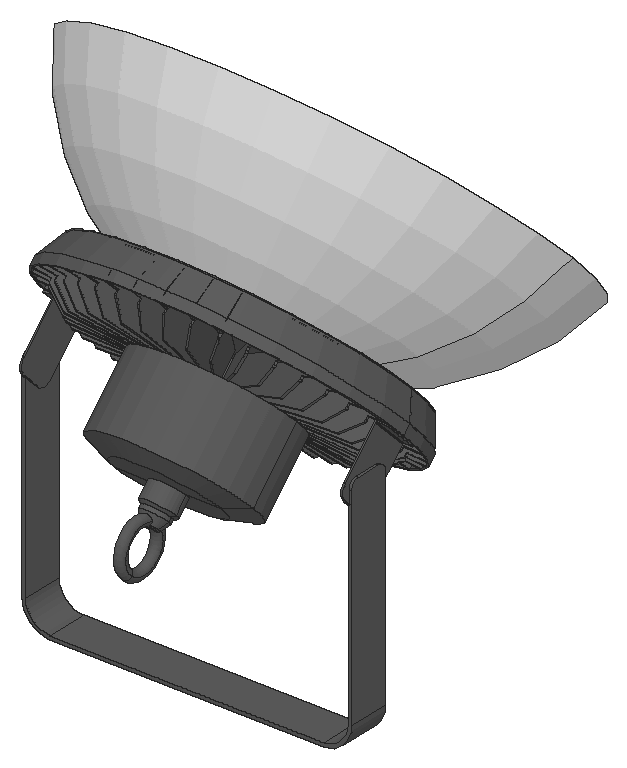
Revit family "0039348+0039354+0039356 Feilo Sylvania Lighting Fixture START HIGHBAY 4K 19KLM WIDE with BRACKET and ALU SHADE ALU COLOR", category Lighting Fixtures, host Face, Revit 2017
Family settings
  Host = Face
  Round Connector Dimension = Use Diameter
  Part Type = Normal
  OmniClass Number = 23.80.70.00
  OmniClass Title = Lighting
  Cut with Voids When Loaded = No
  Light Source = No
  Shared = No
  Room Calculation Point = No
Parameters (values of type "0039348+0039354+0039356 START HIGHBAY 4K 19KLM WIDE with BRACKET and ALU SHADE ALU COLOR")
  Weight = "3.4 kg"
  Wattage Comments = ""
  WarrantyStartDate [instance] = "n/a"
  WarrantyGuarantorParts = "n/a"
  WarrantyDurationUnit = "n/a"
  WarrantyDurationParts = "n/a"
  WarrantyDescription = "n/a"
  Voltage = 230 V
  URL = "http://www.sylvania-lighting.com"
  TypeName = "START HIGHBAY 4K 19KLM WIDE with BRACKET and ALU SHADE ALU COLOR"
  TypeHead_FEILO = Start LED Highbay Head : 0039348+0039354+0039356 START HIGHBAY 4K 19KLM WIDE with BRACKET and ALU SHADE ALU COLOR
  Type Image = <None>
  Type Comments = "n/a"
  TiltAngle_FEILO [instance] = 45.00°
  ThicknessBracketPlate_FEILO = 3 mm
  SizeBracketS_FEILO = no
  SizeBracketM_FEILO = yes
  SerialNumber [instance] = "n/a"
  RadiusBracketTop_FEILO = 7 mm
  RadiusBendOut_FEILO = if(SizeBracketS_FEILO, 18 mm, if(SizeBracketM_FEILO, 24 mm, 28 mm))  # 24 mm
  RadiusBendIn_FEILO = RadiusBendOut_FEILO - ThicknessBracketPlate_FEILO  # 21 mm
  Material_3_FEILO = none
  PowerFactor = 0.95
  PowerConsumption = "150 W"
  NominalLength = 296 mm
  NominalHeight = 177 mm
  NominalDepth = 296 mm
  Name = "START HIGHBAY 4K 19KLM WIDE with BRACKET and ALU SHADE ALU COLOR"
  ModelReference = Name  # "START HIGHBAY 4K 19KLM WIDE with BRACKET and ALU SHADE ALU COLOR"
  ModelNumber = "0039348+0039354+0039356"
  Model = Name  # "START HIGHBAY 4K 19KLM WIDE with BRACKET and ALU SHADE ALU COLOR"
  Material = "aluminium alloy housing, polycarbonate diffuser"
  ManufacturerName = "Feilo Sylvania"
  Manufacturer = "Feilo Sylvania"
  LuminousEfficacy = "130 lm/W"
  LuminaireType = ""
  LightOutputRatio = "n/a"
  LampsType = Lamp  # "LED"
  LampNominalLuminous = "19500 lm"
  LampMacAdamStep = "n/a"
  LampColourTemperature = "4000 K"
  LampColourRenderingIndex = "80"
  Lamp = "LED"
  Keynote = "16500"
  InstallationDate [instance] = "n/a"
  InputVoltage = "220-240V~"
  InputNominalFrequency = "50/60 Hz"
  IngressProtection = "IP65"
  ImpactProtectionIndex = "IK08"
  IfcExportType = "IfcLightFixtureType"
  IfcExportAs = "IfcLightFixtureType"
  ExpectedLife = 50000
  EndAngle_FEILO [instance] = TiltAngle_FEILO + 180.00°  # 225.00°
  ElectricShockClassification = "Class I"
  DurationUnit = "hours"
  DocumentationLiterature = "http://www.sylvania-lighting.com/product/en-int/products/0039348"
  DimmingControlOptions = "n/a"
  Material_2_FEILO = none
  Description = "START HIGHBAY, includes 1 m cables, black aluminium housing, 19500LM, 150W, 130lm/W, 4000K, Driver current: 3210mA, CR80, 90° beam angle, 1-10V dimmable,  IP65, IK08, 50,000 hrs (L70B50), (LxWxH) 296x296x177mm"
  Default Elevation = 1219.2 mm
  CreatedOn = "2/28/2018"
  CreatedBy = ""
  Cost = 0
  built-in parameter 1114216 [instance] = (empty or 0)
  ClassificationValue = "EF_70_80"
  ClassificationName = "Uniclass2015"
  Material_1_FEILO = Body-Sylvania-StartHighbay-Black
  BracketHeight_FEILO = if(SizeBracketS_FEILO, 199.5 mm, if(SizeBracketM_FEILO, 209.6 mm, 201.3 mm))  # 209.6 mm
  BracketDistanceInner_FEILO = if(SizeBracketS_FEILO, 249.4 mm, if(SizeBracketM_FEILO, 273.6 mm, 313.2 mm))  # 273.6 mm
  BarCode [instance] = "n/a"
  AssetType = "Fixed"
  AssetIdentifier [instance] = "n/a"
  Assembly Code = "D5020200"
  Apparent Load = 150 VA
  Material_4_FEILO = none
Reference planes
  plane 1 "Center (Front/Back)": y = 0
  plane 2: z = 0
  plane 3 "Center (Left/Right)": x = 0
  plane 4: x = -139.8
  plane 5: x = 139.8
  plane 6: z = 209.6
  plane 7: x = -136.8
  plane 8: z = 3
  plane 9: x = 136.8
  plane 10: y = 17.5
  plane 11: y = -17.5
  plane 12: y = -19.5
  plane 13: z = 211.6
  plane 14: y = 19.5
  plane 15: z = 200.6
Forms (mm)
  Extrusion 1, solid, material "Body-Sylvania-StartHighbay-Black" <- "Material_1_FEILO"
    sketch origin (0, 0, 0) x (1, 0, 0) y (0, 0, 1)
      loop
        line (-139.8, 209.6) -> (-139.8, 24)
        arc (-139.8, 24) -> (-132.771, 7.029) -> (-115.8, 0) r 24
        line (-115.8, 0) -> (115.8, 0)
        arc (115.8, 0) -> (132.771, 7.029) -> (139.8, 24) r 24
        line (139.8, 24) -> (139.8, 209.6) -> (136.8, 209.6) -> (136.8, 24)
        arc (136.8, 24) -> (130.649, 9.151) -> (115.8, 3) r 21
        line (115.8, 3) -> (-115.8, 3)
        arc (-115.8, 3) -> (-130.649, 9.151) -> (-136.8, 24) r 21
        line (-136.8, 24) -> (-136.8, 209.6) -> (-139.8, 209.6)
    from -17.5 to 17.5
  Extrusion 2, void
    sketch origin (0, 0, 0) x (0, 1, 0) y (0, 0, 1)
      loop
        arc (10.5, 209.6) -> (15.45, 207.55) -> (17.5, 202.6) r 7
        line (17.5, 202.6) -> (19.5, 202.6) -> (19.5, 211.6) -> (-19.5, 211.6) -> (-19.5, 202.6) -> (-17.5, 202.6)
        arc (-17.5, 202.6) -> (-15.45, 207.55) -> (-10.5, 209.6) r 7
        line (-10.5, 209.6) -> (10.5, 209.6)
    from -139.8 to 139.8
  Revolve 3, solid, not visible
    sketch origin (1223.4, -4572, 200.6) x (0, -1, 0) y (1, 0, 0)
      loop
        line (-4572, -1223.4) -> (-4591.5, -1223.4) -> (-4591.5, -1277.783) -> (-4572, -1277.783) -> (-4572, -1223.4)
      axis (-4572, -1223.4) -> (-4572, -1277.783)
    angle from 45 <- "TiltAngle_FEILO" to 225 <- "EndAngle_FEILO"
Cuts and joins
  Extrusion 2 cuts Extrusion 1
Dimensions and locks
  "BracketHeight_FEILO": plane 6 to plane 2
  equal spacing: plane 11, plane 1 "Center (Front/Back)", plane 10
  locked: plane 11 to plane 10 at 35
  equal spacing: plane 9, plane 3 "Center (Left/Right)", plane 7
  "BracketDistanceInner_FEILO": plane 9 to plane 7
  "ThicknessBracketPlate_FEILO": plane 7 to plane 4
  "ThicknessBracketPlate_FEILO": plane 8 to plane 2
  equal spacing: plane 5, plane 3 "Center (Left/Right)", plane 4
  equal spacing: plane 12, plane 1 "Center (Front/Back)", plane 14
  locked: plane 6 to plane 13 at 2
  locked: plane 12 to plane 11 at 2
  locked: plane 6 to plane 15 at 9
  "RadiusBendOut_FEILO": radius of Extrusion 1 sketch curve  (x2)
  "RadiusBendIn_FEILO": radius of Extrusion 1 sketch curve  (x2)
  "RadiusBracketTop_FEILO": radius of Extrusion 2 sketch curve  (x2)
  aligned and locked: plane 2 to host face
  aligned and locked: level to host face
  aligned and locked: Extrusion 1 sketch curve to plane 4
  aligned and locked: Extrusion 1 sketch curve to level
  aligned and locked: plane 6 to Extrusion 1 sketch curve
  aligned and locked: Extrusion 1 sketch curve to plane 6
  aligned and locked: Extrusion 1 sketch curve to plane 7
  aligned and locked: plane 9 to Extrusion 1 sketch curve
  aligned and locked: plane 8 to Extrusion 1 sketch curve
  aligned and locked: Extrusion 1 to plane 10
  aligned and locked: plane 11 to Extrusion 1
  aligned and locked: Extrusion 1 to Extrusion 2 sketch curve
  aligned and locked: plane 14 to Extrusion 2 sketch curve  (x2)
  aligned and locked: Extrusion 2 sketch curve to plane 12
  aligned and locked: plane 13 to Extrusion 2 sketch curve
  aligned and locked: plane 5 to Extrusion 2
  aligned and locked: Extrusion 2 to plane 4
  aligned and locked: Revolve 3 sketch curve to plane 1 "Center (Front/Back)"
  aligned and locked: Revolve 3 sketch curve to Revolve 3 sketch curve
  aligned and locked: plane 3 "Center (Left/Right)" to Revolve 3 sketch curve
  aligned and locked: Revolve 3 sketch curve to plane 14
  aligned and locked: nested 1 to plane 3 "Center (Left/Right)"
Automatic sketch dimensions
  host sketch curve to host sketch curve = 2438.4 mm  (x2)
  Revolve 3 sketch curve to Revolve 3 sketch curve = 54.383 mm
  Revolve 3 sketch curve to plane 4 = 1396.3 mm
  plane 5 to Revolve 3 sketch curve = 1396.3 mm
  Extrusion 1 sketch curve to Extrusion 1 sketch curve = 0 mm
  Extrusion 2 sketch curve to plane 11 = 0 mm
  Extrusion 2 sketch curve to plane 10 = 0 mm
Nested families
  nested 1: "Start LED Highbay Head" at (0, 0, 200.6) x (-1, 0, 0) z (0, 0.7071, 0.7071), type <- "TypeHead_FEILO", type "0039348+0039354+0039356 START HIGHBAY 4K 19KLM WIDE with BRACKET and ALU SHADE ALU COLOR"
    with built-in parameter 1114216 (empty or 0)
Connectors
  electrical at (0, 0, 0), driven by "Apparent Load", driven by "PowerFactor", driven by "Voltage"
    settings: index 1, voltage 230 V, apparent load 150 VA, apparent load phase1 0 VA, apparent load phase2 0 VA, apparent load phase3 0 VA, power factor 0.95, load classification "Lighting", number of poles 1, system type 30, power factor state 1, is connector primary yes, connector utility no, sub classification motor no, connector description ""
Definition of nested family "Start LED Highbay Head"
  Parameters (values of type "0039351+0039354+0039358 START HIGHBAY 6K 19KLM WIDE with BRACKET and PC LAMPSHADE TRANSPARENT ")
    X_FEILO = if(SizeS_FEILO, 60.3 mm, if(SizeM_FEILO, 70.4 mm, 83.5 mm))  # 70.4 mm
    WidthStraight_FEILO = if(SizeS_FEILO, 3 mm, if(SizeM_FEILO, 4 mm, 4.7 mm))  # 4 mm
    WidthRingChamfer_FEILO = if(SizeS_FEILO, 10.3 mm, if(SizeM_FEILO, 11.2 mm, 12.9 mm))  # 11.2 mm
    WidthCurved_FEILO = if(SizeS_FEILO, 17.4 mm, if(SizeM_FEILO, 16.4 mm, 26.2 mm))  # 16.4 mm
    WidthCurvedRing_FEILO = if(SizeS_FEILO, 3 mm, if(SizeM_FEILO, 4 mm, 4.7 mm))  # 4 mm
    WidthBracket_FEILO = 40 mm
    Wattage Comments = ""
    Wattage = 150 W
    built-in parameter 1150110 = 1 (stored number, unit not read)
    URL = "http://www.feilosylvania.com"
    Type Image = (empty or 0)
    Type Comments = "n/a"
    built-in parameter 1114217 = 1 (stored number, unit not read)
    Tilt Angle = -90.00°
    ThicknessWall_FEILO = 1.5 mm
    ThicknessBracket_FEILO = 1.5 mm
    ThicknessBracketHalf_FEILO = ThicknessBracket_FEILO / 2  # 0.75 mm
    built-in parameter 1150109 = 1 (stored number, unit not read)
    built-in parameter 1150134 = 1
    built-in parameter 1150113 = 1 (stored number, unit not read)
    SizeS_FEILO = no
    SizeM_FEILO = yes
    ShadeThickness_FEILO = 3 mm
    ShadeSizeSM_FEILO = or(SizeS_FEILO, SizeM_FEILO)  # yes
    ShadeRadiusOut_FEILO = 205 mm
    ShadeRadiusIn_FEILO = if(ShadeSizeSM_FEILO, 95 mm, 121 mm)  # 95 mm
    ShadeRadiusBend_FEILO = if(ShadeSizeSM_FEILO, 210 mm, 210 mm)  # 210 mm
    ShadeOn_FEILO = yes
    ShadeHeight_FEILO = if(ShadeSizeSM_FEILO, 120 mm, 151 mm)  # 120 mm
    Rib4_FEILO = if(SizeS_FEILO, 18.1 mm, if(SizeM_FEILO, 13.6 mm, 14.6 mm))  # 13.6 mm
    Rib3_FEILO = if(SizeS_FEILO, 15.3 mm, if(SizeM_FEILO, 17.6 mm, 20.2 mm))  # 17.6 mm
    Rib2_FEILO = if(SizeS_FEILO, 3.6 mm, if(SizeM_FEILO, 3.9 mm, 4.5 mm))  # 3.9 mm
    Rib1_FEILO = if(SizeS_FEILO, 15.1 mm, if(SizeM_FEILO, 16.5 mm, 19 mm))  # 16.5 mm
    RadiusDiffuser_FEILO = if(SizeS_FEILO, 95.2 mm, if(SizeM_FEILO, 105.3 mm, 120 mm))  # 105.3 mm
    RadiusArrayPost_FEILO = DriverRadius_FEILO - 6 mm  # 61.2 mm
    RHRadius3_FEILO = if(SizeS_FEILO, 6.6 mm, if(SizeM_FEILO, 7.4 mm, 8.6 mm))  # 7.4 mm
    RHRadius2_FEILO = if(SizeS_FEILO, 11 mm, if(SizeM_FEILO, 12 mm, 14 mm))  # 12 mm
    RHRadius1_FEILO = if(SizeS_FEILO, 13.6 mm, if(SizeM_FEILO, 14.9 mm, 17.7 mm))  # 14.9 mm
    RHHeight4_FEILO = if(SizeS_FEILO, 7.3 mm, if(SizeM_FEILO, 8 mm, 9.2 mm))  # 8 mm
    RHHeight3_FEILO = if(SizeS_FEILO, 3.6 mm, if(SizeM_FEILO, 3.7 mm, 4.6 mm))  # 3.7 mm
    RHHeight2_FEILO = if(SizeS_FEILO, 2 mm, if(SizeM_FEILO, 2.2 mm, 2.6 mm))  # 2.2 mm
    RHHeight1_FEILO = if(SizeS_FEILO, 11.8 mm, if(SizeM_FEILO, 15.3 mm, 17.4 mm))  # 15.3 mm
    Photometric Web File = "0039351+0039358.ies"
    Material_5_FEILO = none
    Material_3_FEILO = none
    Model = "START HIGHBAY 6K 19KLM WIDE with BRACKET and PC LAMPSHADE TRANSPARENT"
    Manufacturer = "Feilo Sylvania"
    built-in parameter 1150105 = 10854.2 (stored number, unit not read)
    Lumens = 19500 lm
    built-in parameter 1150115 = 1 (stored number, unit not read)
    built-in parameter 1150137 = (empty or 0)
    built-in parameter 1150139 = (empty or 0)
    built-in parameter 1150112 = 1 (stored number, unit not read)
    built-in parameter 1150114 = 1 (stored number, unit not read)
    Lamp = "LED"
    Keynote = "16500"
    built-in parameter 1150132 = (empty or 0)
    built-in parameter 1150102 = (empty or 0)
    built-in parameter 1150107 = 6500 (stored number, unit not read)
    built-in parameter 1150138 = (empty or 0)
    built-in parameter 1150106 = 108.54 (stored number, unit not read)
    HeightRing_FEILO = if(SizeS_FEILO, 19.8 mm, if(SizeM_FEILO, 32 mm, 36.8 mm))  # 32 mm
    HeightRingChamfer_FEILO = if(SizeS_FEILO, 11.7 mm, if(SizeM_FEILO, 23.2 mm, 26.6 mm))  # 23.2 mm
    EyeThickness_FEILO = if(SizeS_FEILO, 8.4 mm, if(SizeM_FEILO, 9.2 mm, 10.5 mm))  # 9.2 mm
    EyeThicknessHalf_FEILO = EyeThickness_FEILO / 2  # 4.6 mm
    EyeInner_FEILO = if(SizeS_FEILO, 13.8 mm, if(SizeM_FEILO, 15.1 mm, 17.3 mm))  # 15.1 mm
    Emit from Circle Diameter = RadiusDiffuser_FEILO * 2  # 210.6 mm
    Emit Shape Visible in Rendering = no
    built-in parameter 1150104 = 12.077 (stored number, unit not read)
    DriverVerticalStraight_FEILO = if(SizeS_FEILO, 46.5 mm, if(SizeM_FEILO, 49.7 mm, 57 mm))  # 49.7 mm
    DriverVerticalChamfer_FEILO = if(SizeS_FEILO, 7.5 mm, if(SizeM_FEILO, 8.2 mm, 9.5 mm))  # 8.2 mm
    DriverRadius_FEILO = if(SizeS_FEILO, 61.4 mm, if(SizeM_FEILO, 67.2 mm, 76.4 mm))  # 67.2 mm
    DriverRadiusTop_FEILO = if(SizeS_FEILO, 42 mm, if(SizeM_FEILO, 45.3 mm, 52.4 mm))  # 45.3 mm
    DriverBottom_FEILO = if(SizeS_FEILO, 56 mm, if(SizeM_FEILO, 64.5 mm, 74 mm))  # 64.5 mm
    Material_2_FEILO = none
    Radius_FEILO = if(SizeS_FEILO, 135 mm, if(SizeM_FEILO, 148 mm, 169.5 mm))  # 148 mm
    Dimming Lamp Color Temperature Shift = (empty or 0)
    DiameterWire_FEILO = 3 mm
    DiameterWireSupport_FEILO = 10 mm
    Description = "START HIGHBAY, includes 1 m cables, black aluminium housing, 19500LM, 150W, 130lm/W, 6500K, Driver current: 2140mA, CR80, 60° beam angle, 1-10V dimmable,  IP65, IK08, 50,000 hrs (L70B50), (LxWxH) 296x296x177mm"
    Default Elevation = 1219.2 mm
    Cost = 0
    Color Filter = 16777215
    built-in parameter 1114216 [instance] = (empty or 0)
    Material_1_FEILO = none
    built-in parameter 1114218 = 1 (stored number, unit not read)
    built-in parameter 1150133 = 10 (stored number, unit not read)
    Assembly Code = "D5020200"
    Apparent Load = 150 VA
    Material_4_FEILO = none
  Types (36, lengths in mm): name | X_FEILO | WidthStraight_FEILO | WidthRingChamfer_FEILO | WidthCurved_FEILO | WidthCurvedRing_FEILO | Wattage | built-in parameter 1150134 | SizeS_FEILO | SizeM_FEILO | ShadeSizeSM_FEILO | ShadeRadiusIn_FEILO | ShadeOn_FEILO | ShadeHeight_FEILO | Rib4_FEILO | Rib3_FEILO | Rib2_FEILO | Rib1_FEILO | RadiusDiffuser_FEILO | RadiusArrayPost_FEILO | RHRadius3_FEILO | RHRadius2_FEILO | RHRadius1_FEILO | RHHeight4_FEILO | RHHeight3_FEILO | RHHeight2_FEILO | RHHeight1_FEILO | Photometric Web File | Model | built-in parameter 1150105 | Lumens | built-in parameter 1150107 | built-in parameter 1150106 | HeightRing_FEILO | HeightRingChamfer_FEILO | EyeThickness_FEILO | EyeThicknessHalf_FEILO | EyeInner_FEILO | Emit from Circle Diameter | DriverVerticalStraight_FEILO | DriverVerticalChamfer_FEILO | DriverRadius_FEILO | DriverRadiusTop_FEILO | DriverBottom_FEILO | Radius_FEILO | Description | Apparent Load
    0039352+0039355+0039361 START HIGHBAY 6K 26KLM WIDE with BRACKET and PC LAMPSHADE TRANSPARENT | 83.5 | 4.7 | 12.9 | 26.2 | 4.7 | 200 W | 1 | no | no | no | 121 | yes | 151 | 14.6 | 20.2 | 4.5 | 19 | 120 | 70.4 | 8.6 | 14 | 17.7 | 9.2 | 4.6 | 2.6 | 17.4 | "0039352+0039361.ies" | "START HIGHBAY 6K 26KLM WIDE with BRACKET and PC LAMPSHADE TRANSPARENT" | 17911 (stored number, unit not read) | 26000 lm | 6500 (stored number, unit not read) | 179.11 (stored number, unit not read) | 36.8 | 26.6 | 10.5 | 5.25 | 17.3 | 240 | 57 | 9.5 | 76.4 | 52.4 | 74 | 169.5 | "START HIGHBAY, includes 1 m cables, black aluminium housing, 26000LM, 200W, 130lm/W, 6500K, Driver current: 5000mA, CR80, 60° beam angle, 1-10V dimmable,  IP65, IK08, 50,000 hrs (L70B50), (LxWxH) 339x339x194mm" | 200 VA
    0039352+0039355+0039360 START HIGHBAY 6K 26KLM WIDE with BRACKET and ALU SHADE BLACK COLOR | 83.5 | 4.7 | 12.9 | 26.2 | 4.7 | 200 W | 1 | no | no | no | 121 | yes | 151 | 14.6 | 20.2 | 4.5 | 19 | 120 | 70.4 | 8.6 | 14 | 17.7 | 9.2 | 4.6 | 2.6 | 17.4 | "0039352+0039360.ies" | "START HIGHBAY 6K 26KLM WIDE with BRACKET and ALU SHADE BLACK COLOR" | 14870 (stored number, unit not read) | 26000 lm | 6500 (stored number, unit not read) | 148.7 (stored number, unit not read) | 36.8 | 26.6 | 10.5 | 5.25 | 17.3 | 240 | 57 | 9.5 | 76.4 | 52.4 | 74 | 169.5 | "START HIGHBAY, includes 1 m cables, black aluminium housing, 26000LM, 200W, 130lm/W, 6500K, Driver current: 5000mA, CR80, 60° beam angle, 1-10V dimmable,  IP65, IK08, 50,000 hrs (L70B50), (LxWxH) 339x339x194mm" | 200 VA
    0039352+0039355+0039359 START HIGHBAY 6K 26KLM WIDE with BRACKET and ALU SHADE ALU COLOR | 83.5 | 4.7 | 12.9 | 26.2 | 4.7 | 200 W | 1 | no | no | no | 121 | yes | 151 | 14.6 | 20.2 | 4.5 | 19 | 120 | 70.4 | 8.6 | 14 | 17.7 | 9.2 | 4.6 | 2.6 | 17.4 | "0039352+0039359.ies" | "START HIGHBAY 6K 26KLM WIDE with BRACKET and ALU SHADE ALU COLOR" | 14870 (stored number, unit not read) | 26000 lm | 6500 (stored number, unit not read) | 148.7 (stored number, unit not read) | 36.8 | 26.6 | 10.5 | 5.25 | 17.3 | 240 | 57 | 9.5 | 76.4 | 52.4 | 74 | 169.5 | "START HIGHBAY, includes 1 m cables, black aluminium housing, 26000LM, 200W, 130lm/W, 6500K, Driver current: 5000mA, CR80, 60° beam angle, 1-10V dimmable,  IP65, IK08, 50,000 hrs (L70B50), (LxWxH) 339x339x194mm" | 200 VA
    0039352+0039355 START HIGHBAY 6K 26KLM WIDE with BRACKET | 83.5 | 4.7 | 12.9 | 26.2 | 4.7 | 200 W | 1 | no | no | no | 121 | no | 151 | 14.6 | 20.2 | 4.5 | 19 | 120 | 70.4 | 8.6 | 14 | 17.7 | 9.2 | 4.6 | 2.6 | 17.4 | "0039352.ies" | "START HIGHBAY 6K 26KLM WIDE with BRACKET" | 13836.2 (stored number, unit not read) | 26000 lm | 6500 (stored number, unit not read) | 138.36 (stored number, unit not read) | 36.8 | 26.6 | 10.5 | 5.25 | 17.3 | 240 | 57 | 9.5 | 76.4 | 52.4 | 74 | 169.5 | "START HIGHBAY, includes 1 m cables, black aluminium housing, 26000LM, 200W, 130lm/W, 6500K, Driver current: 5000mA, CR80, 60° beam angle, 1-10V dimmable,  IP65, IK08, 50,000 hrs (L70B50), (LxWxH) 339x339x194mm" | 200 VA
    0039351+0039354+0039358 START HIGHBAY 6K 19KLM WIDE with BRACKET and PC LAMPSHADE TRANSPARENT | 70.4 | 4 | 11.2 | 16.4 | 4 | 150 W | 1 | no | yes | yes | 95 | yes | 120 | 13.6 | 17.6 | 3.9 | 16.5 | 105.3 | 61.2 | 7.4 | 12 | 14.9 | 8 | 3.7 | 2.2 | 15.3 | "0039351+0039358.ies" | "START HIGHBAY 6K 19KLM WIDE with BRACKET and PC LAMPSHADE TRANSPARENT" | 10854.2 (stored number, unit not read) | 19500 lm | 6500 (stored number, unit not read) | 108.54 (stored number, unit not read) | 32 | 23.2 | 9.2 | 4.6 | 15.1 | 210.6 | 49.7 | 8.2 | 67.2 | 45.3 | 64.5 | 148 | "START HIGHBAY, includes 1 m cables, black aluminium housing, 19500LM, 150W, 130lm/W, 6500K, Driver current: 2140mA, CR80, 60° beam angle, 1-10V dimmable,  IP65, IK08, 50,000 hrs (L70B50), (LxWxH) 296x296x177mm" | 150 VA
    0039351+0039354+0039357 START HIGHBAY 6K 19KLM WIDE with BRACKET and ALU SHADE BLACK COLOR | 70.4 | 4 | 11.2 | 16.4 | 4 | 150 W | 1 | no | yes | yes | 95 | yes | 120 | 13.6 | 17.6 | 3.9 | 16.5 | 105.3 | 61.2 | 7.4 | 12 | 14.9 | 8 | 3.7 | 2.2 | 15.3 | "0039351+0039357.ies" | "START HIGHBAY 6K 19KLM WIDE with BRACKET and ALU SHADE BLACK COLOR" | 11152.5 (stored number, unit not read) | 19500 lm | 6500 (stored number, unit not read) | 111.52 (stored number, unit not read) | 32 | 23.2 | 9.2 | 4.6 | 15.1 | 210.6 | 49.7 | 8.2 | 67.2 | 45.3 | 64.5 | 148 | "START HIGHBAY, includes 1 m cables, black aluminium housing, 19500LM, 150W, 130lm/W, 6500K, Driver current: 2140mA, CR80, 60° beam angle, 1-10V dimmable,  IP65, IK08, 50,000 hrs (L70B50), (LxWxH) 296x296x177mm" | 150 VA
    0039351+0039354+0039356 START HIGHBAY 6K 19KLM WIDE with BRACKET and ALU SHADE ALU COLOR | 70.4 | 4 | 11.2 | 16.4 | 4 | 150 W | 1 | no | yes | yes | 95 | yes | 120 | 13.6 | 17.6 | 3.9 | 16.5 | 105.3 | 61.2 | 7.4 | 12 | 14.9 | 8 | 3.7 | 2.2 | 15.3 | "0039351+0039356.ies" | "START HIGHBAY 6K 19KLM WIDE with BRACKET and ALU SHADE ALU COLOR" | 11152.5 (stored number, unit not read) | 19500 lm | 6500 (stored number, unit not read) | 111.52 (stored number, unit not read) | 32 | 23.2 | 9.2 | 4.6 | 15.1 | 210.6 | 49.7 | 8.2 | 67.2 | 45.3 | 64.5 | 148 | "START HIGHBAY, includes 1 m cables, black aluminium housing, 19500LM, 150W, 130lm/W, 6500K, Driver current: 2140mA, CR80, 60° beam angle, 1-10V dimmable,  IP65, IK08, 50,000 hrs (L70B50), (LxWxH) 296x296x177mm" | 150 VA
    0039351+0039354 START HIGHBAY 6K 19KLM WIDE with BRACKET | 70.4 | 4 | 11.2 | 16.4 | 4 | 150 W | 1 | no | yes | yes | 95 | no | 120 | 13.6 | 17.6 | 3.9 | 16.5 | 105.3 | 61.2 | 7.4 | 12 | 14.9 | 8 | 3.7 | 2.2 | 15.3 | "0039351.ies" | "START HIGHBAY 6K 19KLM WIDE with BRACKET" | 10377.1 (stored number, unit not read) | 19500 lm | 6500 (stored number, unit not read) | 103.77 (stored number, unit not read) | 32 | 23.2 | 9.2 | 4.6 | 15.1 | 210.6 | 49.7 | 8.2 | 67.2 | 45.3 | 64.5 | 148 | "START HIGHBAY, includes 1 m cables, black aluminium housing, 19500LM, 150W, 130lm/W, 6500K, Driver current: 2140mA, CR80, 60° beam angle, 1-10V dimmable,  IP65, IK08, 50,000 hrs (L70B50), (LxWxH) 296x296x177mm" | 150 VA
    0039350+0039353+0039358 START HIGHBAY 6K 13KLM WIDE with BRACKET and PC LAMPSHADE TRANSPARENT | 60.3 | 3 | 10.3 | 17.4 | 3 | 100 W | 1 | yes | no | yes | 95 | yes | 120 | 18.1 | 15.3 | 3.6 | 15.1 | 95.2 | 55.4 | 6.6 | 11 | 13.6 | 7.3 | 3.6 | 2 | 11.8 | "0039350+0039358.ies" | "START HIGHBAY 6K 13KLM WIDE with BRACKET and PC LAMPSHADE TRANSPARENT" | 7236.1 (stored number, unit not read) | 13000 lm | 6500 (stored number, unit not read) | 72.361 (stored number, unit not read) | 19.8 | 11.7 | 8.4 | 4.2 | 13.8 | 190.4 | 46.5 | 7.5 | 61.4 | 42 | 56 | 135 | "START HIGHBAY, includes 1 m cables, black aluminium housing, 13000LM, 100W, 130lm/W, 6500K, Driver current: 2140mA, CR80, 60° beam angle, 1-10V dimmable,  IP65, IK08, 50,000 hrs (L70B50), (LxWxH) 270x270x170mm" | 100 VA
    0039350+0039353+0039357 START HIGHBAY 6K 13KLM WIDE with BRACKET and ALU SHADE BLACK COLOR | 60.3 | 3 | 10.3 | 17.4 | 3 | 100 W | 1 | yes | no | yes | 95 | yes | 120 | 18.1 | 15.3 | 3.6 | 15.1 | 95.2 | 55.4 | 6.6 | 11 | 13.6 | 7.3 | 3.6 | 2 | 11.8 | "0039350+0039357.ies" | "START HIGHBAY 6K 13KLM WIDE with BRACKET and ALU SHADE BLACK COLOR" | 7435 (stored number, unit not read) | 13000 lm | 6500 (stored number, unit not read) | 74.35 (stored number, unit not read) | 19.8 | 11.7 | 8.4 | 4.2 | 13.8 | 190.4 | 46.5 | 7.5 | 61.4 | 42 | 56 | 135 | "START HIGHBAY, includes 1 m cables, black aluminium housing, 13000LM, 100W, 130lm/W, 6500K, Driver current: 2140mA, CR80, 60° beam angle, 1-10V dimmable,  IP65, IK08, 50,000 hrs (L70B50), (LxWxH) 270x270x170mm" | 100 VA
    0039350+0039353+0039356 START HIGHBAY 6K 13KLM WIDE with BRACKET and ALU SHADE ALU COLOR | 60.3 | 3 | 10.3 | 17.4 | 3 | 100 W | 1 | yes | no | yes | 95 | yes | 120 | 18.1 | 15.3 | 3.6 | 15.1 | 95.2 | 55.4 | 6.6 | 11 | 13.6 | 7.3 | 3.6 | 2 | 11.8 | "0039350+0039356.ies" | "START HIGHBAY 6K 13KLM WIDE with BRACKET and ALU SHADE ALU COLOR" | 7435 (stored number, unit not read) | 13000 lm | 6500 (stored number, unit not read) | 74.35 (stored number, unit not read) | 19.8 | 11.7 | 8.4 | 4.2 | 13.8 | 190.4 | 46.5 | 7.5 | 61.4 | 42 | 56 | 135 | "START HIGHBAY, includes 1 m cables, black aluminium housing, 13000LM, 100W, 130lm/W, 6500K, Driver current: 2140mA, CR80, 60° beam angle, 1-10V dimmable,  IP65, IK08, 50,000 hrs (L70B50), (LxWxH) 270x270x170mm" | 100 VA
    0039350+0039353 START HIGHBAY 6K 13KLM WIDE with BRACKET | 60.3 | 3 | 10.3 | 17.4 | 3 | 100 W | 1 | yes | no | yes | 95 | no | 120 | 18.1 | 15.3 | 3.6 | 15.1 | 95.2 | 55.4 | 6.6 | 11 | 13.6 | 7.3 | 3.6 | 2 | 11.8 | "0039350.ies" | "START HIGHBAY 6K 13KLM WIDE with BRACKET" | 6918.1 (stored number, unit not read) | 13000 lm | 6500 (stored number, unit not read) | 69.181 (stored number, unit not read) | 19.8 | 11.7 | 8.4 | 4.2 | 13.8 | 190.4 | 46.5 | 7.5 | 61.4 | 42 | 56 | 135 | "START HIGHBAY, includes 1 m cables, black aluminium housing, 13000LM, 100W, 130lm/W, 6500K, Driver current: 2140mA, CR80, 60° beam angle, 1-10V dimmable,  IP65, IK08, 50,000 hrs (L70B50), (LxWxH) 270x270x170mm" | 100 VA
    0039349+0039355+0039361 START HIGHBAY 4K 26KLM WIDE with BRACKET and PC LAMPSHADE TRANSPARENT FOR | 83.5 | 4.7 | 12.9 | 26.2 | 4.7 | 200 W | 12 | no | no | no | 121 | yes | 151 | 14.6 | 20.2 | 4.5 | 19 | 120 | 70.4 | 8.6 | 14 | 17.7 | 9.2 | 4.6 | 2.6 | 17.4 | "0039349+0039361.ies" | "START HIGHBAY 4K 26KLM WIDE with BRACKET and PC LAMPSHADE TRANSPARENT FOR" | 17911 (stored number, unit not read) | 26000 lm | 4000 (stored number, unit not read) | 179.11 (stored number, unit not read) | 36.8 | 26.6 | 10.5 | 5.25 | 17.3 | 240 | 57 | 9.5 | 76.4 | 52.4 | 74 | 169.5 | "START HIGHBAY, includes 1 m cables, black aluminium housing, 26000LM, 200W, 130lm/W, 4000K, Driver current: 5000mA, CR80, 90° beam angle, 1-10V dimmable,  IP65, IK08, 50,000 hrs (L70B50), (LxWxH) 339x339x194mm" | 200 VA
    0039349+0039355+0039360 START HIGHBAY 4K 26KLM WIDE with BRACKET and ALU SHADE BLACK COLOR | 83.5 | 4.7 | 12.9 | 26.2 | 4.7 | 200 W | 12 | no | no | no | 121 | yes | 151 | 14.6 | 20.2 | 4.5 | 19 | 120 | 70.4 | 8.6 | 14 | 17.7 | 9.2 | 4.6 | 2.6 | 17.4 | "0039349+0039360.ies" | "START HIGHBAY 4K 26KLM WIDE with BRACKET and ALU SHADE BLACK COLOR" | 14870 (stored number, unit not read) | 26000 lm | 4000 (stored number, unit not read) | 148.7 (stored number, unit not read) | 36.8 | 26.6 | 10.5 | 5.25 | 17.3 | 240 | 57 | 9.5 | 76.4 | 52.4 | 74 | 169.5 | "START HIGHBAY, includes 1 m cables, black aluminium housing, 26000LM, 200W, 130lm/W, 4000K, Driver current: 5000mA, CR80, 90° beam angle, 1-10V dimmable,  IP65, IK08, 50,000 hrs (L70B50), (LxWxH) 339x339x194mm" | 200 VA
    0039349+0039355+0039359 START HIGHBAY 4K 26KLM WIDE with BRACKET and ALU SHADE ALU COLOR | 83.5 | 4.7 | 12.9 | 26.2 | 4.7 | 200 W | 12 | no | no | no | 121 | yes | 151 | 14.6 | 20.2 | 4.5 | 19 | 120 | 70.4 | 8.6 | 14 | 17.7 | 9.2 | 4.6 | 2.6 | 17.4 | "0039349+0039359.ies" | "START HIGHBAY 4K 26KLM WIDE with BRACKET and ALU SHADE ALU COLOR" | 14870 (stored number, unit not read) | 26000 lm | 4000 (stored number, unit not read) | 148.7 (stored number, unit not read) | 36.8 | 26.6 | 10.5 | 5.25 | 17.3 | 240 | 57 | 9.5 | 76.4 | 52.4 | 74 | 169.5 | "START HIGHBAY, includes 1 m cables, black aluminium housing, 26000LM, 200W, 130lm/W, 4000K, Driver current: 5000mA, CR80, 90° beam angle, 1-10V dimmable,  IP65, IK08, 50,000 hrs (L70B50), (LxWxH) 339x339x194mm" | 200 VA
    0039349+0039355 START HIGHBAY 4K 26KLM WIDE with BRACKET | 83.5 | 4.7 | 12.9 | 26.2 | 4.7 | 200 W | 12 | no | no | no | 121 | no | 151 | 14.6 | 20.2 | 4.5 | 19 | 120 | 70.4 | 8.6 | 14 | 17.7 | 9.2 | 4.6 | 2.6 | 17.4 | "0039349.ies" | "START HIGHBAY 4K 26KLM WIDE with BRACKET" | 13836.2 (stored number, unit not read) | 26000 lm | 4000 (stored number, unit not read) | 138.36 (stored number, unit not read) | 36.8 | 26.6 | 10.5 | 5.25 | 17.3 | 240 | 57 | 9.5 | 76.4 | 52.4 | 74 | 169.5 | "START HIGHBAY, includes 1 m cables, black aluminium housing, 26000LM, 200W, 130lm/W, 4000K, Driver current: 5000mA, CR80, 90° beam angle, 1-10V dimmable,  IP65, IK08, 50,000 hrs (L70B50), (LxWxH) 339x339x194mm" | 200 VA
    0039348+0039354+0039358 START HIGHBAY 4K 19KLM WIDE with BRACKET and PC LAMPSHADE TRANSPARENT | 70.4 | 4 | 11.2 | 16.4 | 4 | 150 W | 12 | no | yes | yes | 95 | yes | 120 | 13.6 | 17.6 | 3.9 | 16.5 | 105.3 | 61.2 | 7.4 | 12 | 14.9 | 8 | 3.7 | 2.2 | 15.3 | "0039348+0039358.ies" | "START HIGHBAY 4K 19KLM WIDE with BRACKET and PC LAMPSHADE TRANSPARENT" | 10854.2 (stored number, unit not read) | 19500 lm | 4000 (stored number, unit not read) | 108.54 (stored number, unit not read) | 32 | 23.2 | 9.2 | 4.6 | 15.1 | 210.6 | 49.7 | 8.2 | 67.2 | 45.3 | 64.5 | 148 | "START HIGHBAY, includes 1 m cables, black aluminium housing, 19500LM, 150W, 130lm/W, 4000K, Driver current: 3210mA, CR80, 90° beam angle, 1-10V dimmable,  IP65, IK08, 50,000 hrs (L70B50), (LxWxH) 296x296x177mm" | 150 VA
    0039348+0039354+0039357 START HIGHBAY 4K 19KLM WIDE with BRACKET and ALU SHADE BLACK COLOR | 70.4 | 4 | 11.2 | 16.4 | 4 | 150 W | 12 | no | yes | yes | 95 | yes | 120 | 13.6 | 17.6 | 3.9 | 16.5 | 105.3 | 61.2 | 7.4 | 12 | 14.9 | 8 | 3.7 | 2.2 | 15.3 | "0039348+0039357.ies" | "START HIGHBAY 4K 19KLM WIDE with BRACKET and ALU SHADE BLACK COLOR" | 11152.5 (stored number, unit not read) | 19500 lm | 4000 (stored number, unit not read) | 111.52 (stored number, unit not read) | 32 | 23.2 | 9.2 | 4.6 | 15.1 | 210.6 | 49.7 | 8.2 | 67.2 | 45.3 | 64.5 | 148 | "START HIGHBAY, includes 1 m cables, black aluminium housing, 19500LM, 150W, 130lm/W, 4000K, Driver current: 3210mA, CR80, 90° beam angle, 1-10V dimmable,  IP65, IK08, 50,000 hrs (L70B50), (LxWxH) 296x296x177mm" | 150 VA
    0039348+0039354+0039356 START HIGHBAY 4K 19KLM WIDE with BRACKET and ALU SHADE ALU COLOR | 70.4 | 4 | 11.2 | 16.4 | 4 | 150 W | 12 | no | yes | yes | 95 | yes | 120 | 13.6 | 17.6 | 3.9 | 16.5 | 105.3 | 61.2 | 7.4 | 12 | 14.9 | 8 | 3.7 | 2.2 | 15.3 | "0039348+0039356.ies" | "START HIGHBAY 4K 19KLM WIDE with BRACKET and ALU SHADE ALU COLOR" | 11152.5 (stored number, unit not read) | 19500 lm | 4000 (stored number, unit not read) | 111.52 (stored number, unit not read) | 32 | 23.2 | 9.2 | 4.6 | 15.1 | 210.6 | 49.7 | 8.2 | 67.2 | 45.3 | 64.5 | 148 | "START HIGHBAY, includes 1 m cables, black aluminium housing, 19500LM, 150W, 130lm/W, 4000K, Driver current: 3210mA, CR80, 90° beam angle, 1-10V dimmable,  IP65, IK08, 50,000 hrs (L70B50), (LxWxH) 296x296x177mm" | 150 VA
    0039348+0039354 START HIGHBAY 4K 19KLM WIDE with BRACKET | 70.4 | 4 | 11.2 | 16.4 | 4 | 150 W | 12 | no | yes | yes | 95 | no | 120 | 13.6 | 17.6 | 3.9 | 16.5 | 105.3 | 61.2 | 7.4 | 12 | 14.9 | 8 | 3.7 | 2.2 | 15.3 | "0039348.ies" | "START HIGHBAY 4K 19KLM WIDE with BRACKET" | 10377.1 (stored number, unit not read) | 19500 lm | 4000 (stored number, unit not read) | 103.77 (stored number, unit not read) | 32 | 23.2 | 9.2 | 4.6 | 15.1 | 210.6 | 49.7 | 8.2 | 67.2 | 45.3 | 64.5 | 148 | "START HIGHBAY, includes 1 m cables, black aluminium housing, 19500LM, 150W, 130lm/W, 4000K, Driver current: 3210mA, CR80, 90° beam angle, 1-10V dimmable,  IP65, IK08, 50,000 hrs (L70B50), (LxWxH) 296x296x177mm" | 150 VA
    0039347+0039353+0039358 START HIGHBAY 4K 13KLM WIDE with BRACKET and PC LAMPSHADE TRANSPARENT | 60.3 | 3 | 10.3 | 17.4 | 3 | 100 W | 12 | yes | no | yes | 95 | yes | 120 | 18.1 | 15.3 | 3.6 | 15.1 | 95.2 | 55.4 | 6.6 | 11 | 13.6 | 7.3 | 3.6 | 2 | 11.8 | "0039347+0039358.ies" | "START HIGHBAY 4K 13KLM WIDE with BRACKET and PC LAMPSHADE TRANSPARENT" | 7236.1 (stored number, unit not read) | 13000 lm | 4000 (stored number, unit not read) | 72.361 (stored number, unit not read) | 19.8 | 11.7 | 8.4 | 4.2 | 13.8 | 190.4 | 46.5 | 7.5 | 61.4 | 42 | 56 | 135 | "START HIGHBAY, includes 1 m cables, black aluminium housing, 13000LM, 100W, 130lm/W, 4000K, Driver current: 2140mA, CR80, 90° beam angle, 1-10V dimmable,  IP65, IK08, 50,000 hrs (L70B50), (LxWxH) 270x270x170mm" | 100 VA
    0039347+0039353+0039357 START HIGHBAY 4K 13KLM WIDE with BRACKET and ALU SHADE BLACK COLOR | 60.3 | 3 | 10.3 | 17.4 | 3 | 100 W | 12 | yes | no | yes | 95 | yes | 120 | 18.1 | 15.3 | 3.6 | 15.1 | 95.2 | 55.4 | 6.6 | 11 | 13.6 | 7.3 | 3.6 | 2 | 11.8 | "0039347+0039357.ies" | "START HIGHBAY 4K 13KLM WIDE with BRACKET and ALU SHADE BLACK COLOR" | 7435 (stored number, unit not read) | 13000 lm | 4000 (stored number, unit not read) | 74.35 (stored number, unit not read) | 19.8 | 11.7 | 8.4 | 4.2 | 13.8 | 190.4 | 46.5 | 7.5 | 61.4 | 42 | 56 | 135 | "START HIGHBAY, includes 1 m cables, black aluminium housing, 13000LM, 100W, 130lm/W, 4000K, Driver current: 2140mA, CR80, 90° beam angle, 1-10V dimmable,  IP65, IK08, 50,000 hrs (L70B50), (LxWxH) 270x270x170mm" | 100 VA
    0039347+0039353+0039356 START HIGHBAY 4K 13KLM WIDE with BRACKET and ALU SHADE ALU COLOR | 60.3 | 3 | 10.3 | 17.4 | 3 | 100 W | 12 | yes | no | yes | 95 | yes | 120 | 18.1 | 15.3 | 3.6 | 15.1 | 95.2 | 55.4 | 6.6 | 11 | 13.6 | 7.3 | 3.6 | 2 | 11.8 | "0039347+0039356.ies" | "START HIGHBAY 4K 13KLM WIDE with BRACKET and ALU SHADE ALU COLOR" | 7435 (stored number, unit not read) | 13000 lm | 4000 (stored number, unit not read) | 74.35 (stored number, unit not read) | 19.8 | 11.7 | 8.4 | 4.2 | 13.8 | 190.4 | 46.5 | 7.5 | 61.4 | 42 | 56 | 135 | "START HIGHBAY, includes 1 m cables, black aluminium housing, 13000LM, 100W, 130lm/W, 4000K, Driver current: 2140mA, CR80, 90° beam angle, 1-10V dimmable,  IP65, IK08, 50,000 hrs (L70B50), (LxWxH) 270x270x170mm" | 100 VA
    0039347+0039353 START HIGHBAY 4K 13KLM WIDE with BRACKET | 60.3 | 3 | 10.3 | 17.4 | 3 | 100 W | 12 | yes | no | yes | 95 | no | 120 | 18.1 | 15.3 | 3.6 | 15.1 | 95.2 | 55.4 | 6.6 | 11 | 13.6 | 7.3 | 3.6 | 2 | 11.8 | "0039347.ies" | "START HIGHBAY 4K 13KLM WIDE with BRACKET" | 6918.1 (stored number, unit not read) | 13000 lm | 4000 (stored number, unit not read) | 69.181 (stored number, unit not read) | 19.8 | 11.7 | 8.4 | 4.2 | 13.8 | 190.4 | 46.5 | 7.5 | 61.4 | 42 | 56 | 135 | "START HIGHBAY, includes 1 m cables, black aluminium housing, 13000LM, 100W, 130lm/W, 4000K, Driver current: 2140mA, CR80, 90° beam angle, 1-10V dimmable,  IP65, IK08, 50,000 hrs (L70B50), (LxWxH) 270x270x170mm" | 100 VA
    0039346+0039355+0039361 START HIGHBAY 4K 26KLM MEDIUM with BRACKET and PC LAMPSHADE TRANSPARENT | 83.5 | 4.7 | 12.9 | 26.2 | 4.7 | 200 W | 12 | no | no | no | 121 | yes | 151 | 14.6 | 20.2 | 4.5 | 19 | 120 | 70.4 | 8.6 | 14 | 17.7 | 9.2 | 4.6 | 2.6 | 17.4 | "0039346+0039361.ies" | "START HIGHBAY 4K 26KLM MEDIUM with BRACKET and PC LAMPSHADE TRANSPARENT" | 35142.4 (stored number, unit not read) | 26000 lm | 4000 (stored number, unit not read) | 351.42 (stored number, unit not read) | 36.8 | 26.6 | 10.5 | 5.25 | 17.3 | 240 | 57 | 9.5 | 76.4 | 52.4 | 74 | 169.5 | "START HIGHBAY, includes 1 m cables, black aluminium housing, 26000LM, 200W, 130lm/W, 4000K, Driver current: 5000mA, CR80, 60° beam angle, 1-10V dimmable,  IP65, IK08, 50,000 hrs (L70B50), (LxWxH) 339x339x194mm" | 200 VA
    0039346+0039355+0039360 START HIGHBAY 4K 26KLM MEDIUM with BRACKET and ALU SHADE BLACK COLOR | 83.5 | 4.7 | 12.9 | 26.2 | 4.7 | 200 W | 12 | no | no | no | 121 | yes | 151 | 14.6 | 20.2 | 4.5 | 19 | 120 | 70.4 | 8.6 | 14 | 17.7 | 9.2 | 4.6 | 2.6 | 17.4 | "0039346+0039360.ies" | "START HIGHBAY 4K 26KLM MEDIUM with BRACKET and ALU SHADE BLACK COLOR" | 35336 (stored number, unit not read) | 26000 lm | 4000 (stored number, unit not read) | 353.36 (stored number, unit not read) | 36.8 | 26.6 | 10.5 | 5.25 | 17.3 | 240 | 57 | 9.5 | 76.4 | 52.4 | 74 | 169.5 | "START HIGHBAY, includes 1 m cables, black aluminium housing, 26000LM, 200W, 130lm/W, 4000K, Driver current: 5000mA, CR80, 60° beam angle, 1-10V dimmable,  IP65, IK08, 50,000 hrs (L70B50), (LxWxH) 339x339x194mm" | 200 VA
    0039346+0039355+0039359 START HIGHBAY 4K 26KLM MEDIUM with BRACKET and ALU SHADE ALU COLOR | 83.5 | 4.7 | 12.9 | 26.2 | 4.7 | 200 W | 12 | no | no | no | 121 | yes | 151 | 14.6 | 20.2 | 4.5 | 19 | 120 | 70.4 | 8.6 | 14 | 17.7 | 9.2 | 4.6 | 2.6 | 17.4 | "0039346+0039359.ies" | "START HIGHBAY 4K 26KLM MEDIUM with BRACKET and ALU SHADE ALU COLOR" | 35336 (stored number, unit not read) | 26000 lm | 4000 (stored number, unit not read) | 353.36 (stored number, unit not read) | 36.8 | 26.6 | 10.5 | 5.25 | 17.3 | 240 | 57 | 9.5 | 76.4 | 52.4 | 74 | 169.5 | "START HIGHBAY, includes 1 m cables, black aluminium housing, 26000LM, 200W, 130lm/W, 4000K, Driver current: 5000mA, CR80, 60° beam angle, 1-10V dimmable,  IP65, IK08, 50,000 hrs (L70B50), (LxWxH) 339x339x194mm" | 200 VA
    0039346+0039355 START HIGHBAY 4K 26KLM MEDIUM with BRACKET | 83.5 | 4.7 | 12.9 | 26.2 | 4.7 | 200 W | 12 | no | no | no | 121 | no | 151 | 14.6 | 20.2 | 4.5 | 19 | 120 | 70.4 | 8.6 | 14 | 17.7 | 9.2 | 4.6 | 2.6 | 17.4 | "0039346.ies" | "START HIGHBAY 4K 26KLM MEDIUM with BRACKET" | 32161 (stored number, unit not read) | 26000 lm | 4000 (stored number, unit not read) | 321.61 (stored number, unit not read) | 36.8 | 26.6 | 10.5 | 5.25 | 17.3 | 240 | 57 | 9.5 | 76.4 | 52.4 | 74 | 169.5 | "START HIGHBAY, includes 1 m cables, black aluminium housing, 26000LM, 200W, 130lm/W, 4000K, Driver current: 5000mA, CR80, 60° beam angle, 1-10V dimmable,  IP65, IK08, 50,000 hrs (L70B50), (LxWxH) 339x339x194mm" | 200 VA
    0039345+0039354+0039358 START HIGHBAY 4K 19KLM MEDIUM with BRACKET and PC LAMPSHADE TRANSPARENT | 70.4 | 4 | 11.2 | 16.4 | 4 | 150 W | 12 | no | yes | yes | 95 | yes | 120 | 13.6 | 17.6 | 3.9 | 16.5 | 105.3 | 61.2 | 7.4 | 12 | 14.9 | 8 | 3.7 | 2.2 | 15.3 | "0039345+0039358.ies" | "START HIGHBAY 4K 19KLM MEDIUM with BRACKET and PC LAMPSHADE TRANSPARENT" | 24535.9 (stored number, unit not read) | 19500 lm | 4000 (stored number, unit not read) | 245.36 (stored number, unit not read) | 32 | 23.2 | 9.2 | 4.6 | 15.1 | 210.6 | 49.7 | 8.2 | 67.2 | 45.3 | 64.5 | 148 | "START HIGHBAY, includes 1 m cables, black aluminium housing, 19500LM, 150W, 130lm/W, 4000K, Driver current: 3210mA, CR80, 60° beam angle, 1-10V dimmable,  IP65, IK08, 50,000 hrs (L70B50), (LxWxH) 296x296x177mm" | 150 VA
    0039345+0039354+0039357 START HIGHBAY 4K 19KLM MEDIUM with BRACKET and ALU SHADE BLACK COLOR | 70.4 | 4 | 11.2 | 16.4 | 4 | 150 W | 12 | no | yes | yes | 95 | yes | 120 | 13.6 | 17.6 | 3.9 | 16.5 | 105.3 | 61.2 | 7.4 | 12 | 14.9 | 8 | 3.7 | 2.2 | 15.3 | "0039345+0039357.ies" | "START HIGHBAY 4K 19KLM MEDIUM with BRACKET and ALU SHADE BLACK COLOR" | 26502 (stored number, unit not read) | 19500 lm | 4000 (stored number, unit not read) | 265.02 (stored number, unit not read) | 32 | 23.2 | 9.2 | 4.6 | 15.1 | 210.6 | 49.7 | 8.2 | 67.2 | 45.3 | 64.5 | 148 | "START HIGHBAY, includes 1 m cables, black aluminium housing, 19500LM, 150W, 130lm/W, 4000K, Driver current: 3210mA, CR80, 60° beam angle, 1-10V dimmable,  IP65, IK08, 50,000 hrs (L70B50), (LxWxH) 296x296x177mm" | 150 VA
    0039345+0039354+0039356 START HIGHBAY 4K 19KLM MEDIUM with BRACKET and ALU SHADE ALU COLOR | 70.4 | 4 | 11.2 | 16.4 | 4 | 150 W | 12 | no | yes | yes | 95 | yes | 120 | 13.6 | 17.6 | 3.9 | 16.5 | 105.3 | 61.2 | 7.4 | 12 | 14.9 | 8 | 3.7 | 2.2 | 15.3 | "0039345+0039356.ies" | "START HIGHBAY 4K 19KLM MEDIUM with BRACKET and ALU SHADE ALU COLOR" | 26502 (stored number, unit not read) | 19500 lm | 4000 (stored number, unit not read) | 265.02 (stored number, unit not read) | 32 | 23.2 | 9.2 | 4.6 | 15.1 | 210.6 | 49.7 | 8.2 | 67.2 | 45.3 | 64.5 | 148 | "START HIGHBAY, includes 1 m cables, black aluminium housing, 19500LM, 150W, 130lm/W, 4000K, Driver current: 3210mA, CR80, 60° beam angle, 1-10V dimmable,  IP65, IK08, 50,000 hrs (L70B50), (LxWxH) 296x296x177mm" | 150 VA
    0039345+0039354 START HIGHBAY 4K 19KLM MEDIUM with BRACKET | 70.4 | 4 | 11.2 | 16.4 | 4 | 150 W | 12 | no | yes | yes | 95 | no | 120 | 13.6 | 17.6 | 3.9 | 16.5 | 105.3 | 61.2 | 7.4 | 12 | 14.9 | 8 | 3.7 | 2.2 | 15.3 | "0039345.ies" | "START HIGHBAY 4K 19KLM MEDIUM with BRACKET" | 24120.8 (stored number, unit not read) | 19500 lm | 4000 (stored number, unit not read) | 241.21 (stored number, unit not read) | 32 | 23.2 | 9.2 | 4.6 | 15.1 | 210.6 | 49.7 | 8.2 | 67.2 | 45.3 | 64.5 | 148 | "START HIGHBAY, includes 1 m cables, black aluminium housing, 19500LM, 150W, 130lm/W, 4000K, Driver current: 3210mA, CR80, 60° beam angle, 1-10V dimmable,  IP65, IK08, 50,000 hrs (L70B50), (LxWxH) 296x296x177mm" | 150 VA
    0039344+0039353+0039358 START HIGHBAY 4K 13KLM MEDIUM with BRACKET and PC LAMPSHADE TRANSPARENT | 60.3 | 3 | 10.3 | 17.4 | 3 | 100 W | 12 | yes | no | yes | 95 | yes | 120 | 18.1 | 15.3 | 3.6 | 15.1 | 95.2 | 55.4 | 6.6 | 11 | 13.6 | 7.3 | 3.6 | 2 | 11.8 | "0039344+0039358.ies" | "START HIGHBAY 4K 13KLM MEDIUM with BRACKET and PC LAMPSHADE TRANSPARENT" | 17571.2 (stored number, unit not read) | 13000 lm | 4000 (stored number, unit not read) | 175.71 (stored number, unit not read) | 19.8 | 11.7 | 8.4 | 4.2 | 13.8 | 190.4 | 46.5 | 7.5 | 61.4 | 42 | 56 | 135 | "START HIGHBAY, includes 1 m cables, black aluminium housing, 13000LM, 100W, 130lm/W, 4000K, Driver current: 2140mA, CR80, 60° beam angle, 1-10V dimmable,  IP65, IK08, 50,000 hrs (L70B50), (LxWxH) 270x270x170mm" | 100 VA
    0039344+0039353+0039357 START HIGHBAY 4K 13KLM MEDIUM with BRACKET and ALU SHADE BLACK COLOR | 60.3 | 3 | 10.3 | 17.4 | 3 | 100 W | 12 | yes | no | yes | 95 | yes | 120 | 18.1 | 15.3 | 3.6 | 15.1 | 95.2 | 55.4 | 6.6 | 11 | 13.6 | 7.3 | 3.6 | 2 | 11.8 | "0039344+0039357.ies" | "START HIGHBAY 4K 13KLM MEDIUM with BRACKET and ALU SHADE BLACK COLOR" | 17668 (stored number, unit not read) | 13000 lm | 4000 (stored number, unit not read) | 176.68 (stored number, unit not read) | 19.8 | 11.7 | 8.4 | 4.2 | 13.8 | 190.4 | 46.5 | 7.5 | 61.4 | 42 | 56 | 135 | "START HIGHBAY, includes 1 m cables, black aluminium housing, 13000LM, 100W, 130lm/W, 4000K, Driver current: 2140mA, CR80, 60° beam angle, 1-10V dimmable,  IP65, IK08, 50,000 hrs (L70B50), (LxWxH) 270x270x170mm" | 100 VA
    0039344+0039353+0039356 START HIGHBAY 4K 13KLM MEDIUM with BRACKET and ALU SHADE ALU COLOR | 60.3 | 3 | 10.3 | 17.4 | 3 | 100 W | 12 | yes | no | yes | 95 | yes | 120 | 18.1 | 15.3 | 3.6 | 15.1 | 95.2 | 55.4 | 6.6 | 11 | 13.6 | 7.3 | 3.6 | 2 | 11.8 | "0039344+0039356.ies" | "START HIGHBAY 4K 13KLM MEDIUM with BRACKET and ALU SHADE ALU COLOR" | 17668 (stored number, unit not read) | 13000 lm | 4000 (stored number, unit not read) | 176.68 (stored number, unit not read) | 19.8 | 11.7 | 8.4 | 4.2 | 13.8 | 190.4 | 46.5 | 7.5 | 61.4 | 42 | 56 | 135 | "START HIGHBAY, includes 1 m cables, black aluminium housing, 13000LM, 100W, 130lm/W, 4000K, Driver current: 2140mA, CR80, 60° beam angle, 1-10V dimmable,  IP65, IK08, 50,000 hrs (L70B50), (LxWxH) 270x270x170mm" | 100 VA
    0039344+0039353 START HIGHBAY 4K 13KLM MEDIUM with BRACKET | 60.3 | 3 | 10.3 | 17.4 | 3 | 100 W | 12 | yes | no | yes | 95 | no | 120 | 18.1 | 15.3 | 3.6 | 15.1 | 95.2 | 55.4 | 6.6 | 11 | 13.6 | 7.3 | 3.6 | 2 | 11.8 | "0039344.ies" | "START HIGHBAY 4K 13KLM MEDIUM with BRACKET" | 16080.5 (stored number, unit not read) | 13000 lm | 4000 (stored number, unit not read) | 160.81 (stored number, unit not read) | 19.8 | 11.7 | 8.4 | 4.2 | 13.8 | 190.4 | 46.5 | 7.5 | 61.4 | 42 | 56 | 135 | "START HIGHBAY, includes 1 m cables, black aluminium housing, 13000LM, 100W, 130lm/W, 4000K, Driver current: 2140mA, CR80, 60° beam angle, 1-10V dimmable,  IP65, IK08, 50,000 hrs (L70B50), (LxWxH) 270x270x170mm" | 100 VA
  Reference planes
    plane 1 "Center (Front/Back)": y = 0
    plane 2: z = 0
    plane 3 "Center (Left/Right)": x = 0
    plane 4: z = 70.4
    plane 5: x = -148
    plane 6: x = -136.8
    plane 7: z = 47.2
    plane 8: z = 38.4
    plane 9: x = -132.8
    plane 10: z = 67.775
    plane 11: x = -116.4
    plane 12: x = -105.3
    plane 13: x = -128.8
    plane 14: z = 68.775
    plane 15: z = 66.775
    plane 16: x = -102.3
    plane 17: z = 65.775
    plane 18: x = -146.5
    plane 19: x = -131.5
    plane 20: z = 34.5
    plane 21: x = -113.9
    plane 22: z = 20.9
    plane 23: x = -20
    plane 24: z = 5.9
    plane 25: x = -67.2
    plane 26: z = -43.8
    plane 27: x = -45.3
    plane 28: z = -52
    plane 29: x = -14.9
    plane 30: z = -67.3
    plane 31: z = -69.5
    plane 32: x = -12
    plane 33: z = -73.2
    plane 34: z = -81.2
    plane 35: x = -7.4
    plane 36: z = -96.3
    plane 37: z = -111.4
    plane 38: x = 4.6
    plane 39: x = -4.6
    plane 40: z = -120.6
    plane 41: z = -116
    plane 42: x = -141.65
    plane 43: x = -145.5
    plane 44: z = 36.9
    plane 45: x = -135.3
    plane 46: z = -18.95
    plane 47: y = -20
    plane 48: y = 20
    plane 49: x = 148
    plane 50: x = 136.8
    plane 51: x = 146.5
    plane 52: x = 141.65
    plane 53: x = 145.5
    plane 54: x = 135.3
    plane 55: x = -205
    plane 56: z = 190.4
    plane 57: x = -95
    plane 58: x = -87
    plane 59: x = -202
    plane 60: z = 73.4
  Forms (mm)
    Extrusion 1, solid
      sketch origin (4.2, 0, 0) x (1, 0, 0) y (0, 1, 0)
        loop
          line (-1219.2, 1219.2) -> (-1219.2, -1219.2) -> (1219.2, -1219.2) -> (1219.2, 1219.2) -> (-1219.2, 1219.2)
      from 0 to -68.017
    Revolve 2, solid, material <- "Material_1_FEILO", detail levels medium+fine
      sketch origin (0, 0, 0) x (1, 0, 0) y (0, 0, 1)
        loop
          line (-148, 38.4) -> (-146.5, 38.4) -> (-146.5, 46.857) -> (-136.402, 67.775) -> (-128.8, 67.775) -> (-128.8, 69.259)
          arc (-128.8, 69.259) -> (-130.811, 69.79) -> (-132.8, 70.4) r 52.543
          line (-132.8, 70.4) -> (-136.341, 70.4)
          arc (-136.341, 70.4) -> (-136.831, 70.225) -> (-137.099, 69.78) r 0.774
          line (-137.099, 69.78) -> (-148, 47.2) -> (-148, 38.4)
        axis (0, 70.4) -> (0, 38.4)
      angle from 360 to 0
    Revolve 3, solid, material <- "Material_1_FEILO", detail levels medium+fine
      sketch origin (0, 0, 0) x (1, 0, 0) y (0, 0, 1)
        loop
          line (-116.4, 65.775) -> (-105.3, 65.775) -> (-105.3, 47.2) -> (0, 47.2) -> (0, 65.775) -> (-102.3, 65.775) -> (-102.3, 66.775) -> (-105.3, 66.775) -> (-105.3, 67.775) -> (-116.4, 67.775) -> (-116.4, 65.775)
        axis (0, 67.775) -> (0, 47.2)
      angle from 360 to 0
    Revolve 4, solid, material <- "Material_2_FEILO", detail levels medium+fine
      sketch origin (0, 0, 0) x (1, 0, 0) y (0, 0, 1)
        loop
          line (-105.3, 66.775) -> (0, 66.775) -> (0, 68.775) -> (-105.3, 68.775) -> (-105.3, 66.775)
        axis (0, 68.775) -> (0, 66.775)
      angle from 360 to 0
    Revolve 5, solid, material <- "Material_1_FEILO"
      sketch origin (0, 0, 0) x (1, 0, 0) y (0, 0, 1)
        loop
          line (-67.2, 20.9) -> (-67.2, -43.8) -> (-45.3, -52) -> (-14.9, -52) -> (-14.9, -67.3) -> (-12, -69.5) -> (-12, -73.2) -> (-7.837, -80.474)
          arc (-7.837, -80.474) -> (-7.29, -81.006) -> (-6.553, -81.2) r 1.5
          line (-6.553, -81.2) -> (0, -81.2) -> (0, 20.9) -> (-67.2, 20.9)
        axis (0, 20.9) -> (0, -81.2)
      angle from 360 to 0
    Revolve 6, solid, material <- "Material_1_FEILO"
      sketch origin (0, 0, 0) x (1, 0, 0) y (0, 0, 1)
        loop
          circle (0, -116) r 4.6
        axis (4.6, -96.3) -> (-4.6, -96.3)
      angle from 360 to 0
    Extrusion 7, solid, material <- "Material_1_FEILO"
      sketch origin (0, 0, 0) x (1, 0, 0) y (0, 0, 1)
        loop
          line (-145.5, 38.4) -> (-145.5, 36.9) -> (-137.55, 36.9)
          arc (-137.55, 36.9) -> (-137.02, 36.68) -> (-136.8, 36.15) r 0.75
          line (-136.8, 36.15) -> (-136.8, -18.95) -> (-135.3, -18.95) -> (-135.3, 36.9)
          arc (-135.3, 36.9) -> (-135.739, 37.961) -> (-136.8, 38.4) r 1.5
          line (-136.8, 38.4) -> (-145.5, 38.4)
        loop
          line (145.5, 38.4) -> (136.8, 38.4)
          arc (136.8, 38.4) -> (135.739, 37.961) -> (135.3, 36.9) r 1.5
          line (135.3, 36.9) -> (135.3, -18.95) -> (136.8, -18.95) -> (136.8, 36.15)
          arc (136.8, 36.15) -> (137.02, 36.68) -> (137.55, 36.9) r 0.75
          line (137.55, 36.9) -> (145.5, 36.9) -> (145.5, 38.4)
      from -20 to 20
    Extrusion 8, void
      sketch origin (0, 0, 0) x (0, 1, 0) y (0, 0, 1)
        loop
          arc (-10, -18.95) -> (-17.071, -16.021) -> (-20, -8.95) r 10
          line (-20, -8.95) -> (-25, -8.95) -> (-25, -23.95) -> (-10, -23.95) -> (-10, -18.95)
        loop
          line (10, -18.95) -> (10, -23.95) -> (25, -23.95) -> (25, -8.95) -> (20, -8.95)
          arc (20, -8.95) -> (17.071, -16.021) -> (10, -18.95) r 10
      from -136.8 to 136.8
    Revolve 9, solid, material <- "Material_1_FEILO", detail levels coarse
      sketch origin (0, 0, 0) x (1, 0, 0) y (0, 0, 1)
        loop
          line (0, 70.4) -> (-136.8, 70.4) -> (-148, 47.2) -> (-148, 38.4) -> (-131.5, 38.4) -> (-131.5, 34.5) -> (-113.9, 20.9) -> (0, 20.9) -> (0, 70.4)
        axis (0, 70.4) -> (0, 20.9)
      angle from 360 to 0
    Revolve 10, solid, material <- "Material_4_FEILO", visible <- "ShadeOn_FEILO"
      sketch origin (0, 0, 0) x (1, 0, 0) y (0, 0, 1)
        loop
          line (-95, 70.4) -> (-87, 70.4) -> (-87, 73.4) -> (-94.341, 73.4)
          arc (-94.341, 73.4) -> (-159.747, 121.18) -> (-201.81, 190.4) r 207
          line (-201.81, 190.4) -> (-205, 190.4)
          arc (-205, 190.4) -> (-162.101, 119.308) -> (-95, 70.4) r 210
        axis (0, 190.4) -> (0, 70.4)
      angle from 360 to 0
  Cuts and joins
    Extrusion 8 cuts Extrusion 7
  Lines and regions (mm)
    reference lines
      curve 1: line (-148, 0, 47.2) -> (-136.8, 0, 70.4)
      curve 2: line (-116.4, 0, 67.775) -> (0, 0, 67.775)
      curve 3: arc (-116.4, 0, 67.775) -> (-124.704, 0, 68.435) -> (-132.8, 0, 70.4) r 52.543
      curve 4: line (-136.8, 0, 70.4) -> (-132.8, 0, 70.4)
      curve 5: line (-136.402, 0, 67.775) -> (-146.5, 0, 46.857)
      curve 6: line (-131.5, 0, 34.5) -> (-113.9, 0, 20.9)
      curve 7: line (-12, 0, -73.2) -> (-7.4, 0, -81.2)
      curve 8: circle (0, 0, -116) r 4.6 normal (0, -1, 0)
      curve 9: arc (-95, 0, 70.4) -> (-162.101, 0, 119.308) -> (-205, 0, 190.4) r 210
  Dimensions and locks
    "Radius_FEILO": plane 3 "Center (Left/Right)" to plane 5
    "WidthRingChamfer_FEILO": plane 6 to plane 5
    "WidthStraight_FEILO": plane 9 to plane 6
    "WidthCurvedRing_FEILO": plane 13 to plane 9
    locked: plane 10 to plane 15 at 1
    locked: plane 14 to plane 10 at 1
    locked: plane 4 to plane 10 at 2.625
    locked: plane 15 to plane 17 at 1
    "ThicknessWall_FEILO": plane 18 to plane 5
    "ThicknessWall_FEILO": curve 5 to curve 1
    "HeightRingChamfer_FEILO": plane 4 to plane 7
    "HeightRing_FEILO": plane 4 to plane 8
    "RadiusDiffuser_FEILO": plane 3 "Center (Left/Right)" to plane 12
    locked: plane 16 to plane 12 at 3
    "WidthCurved_FEILO": plane 11 to plane 9
    "X_FEILO": plane 4 to plane 2
    "Rib1_FEILO": plane 19 to plane 5
    "Rib2_FEILO": plane 8 to plane 20
    "Rib3_FEILO": plane 21 to plane 19
    "Rib4_FEILO": plane 20 to plane 22
    locked: plane 3 "Center (Left/Right)" to plane 23 at 20
    "DriverBottom_FEILO": plane 4 to plane 24
    "DriverRadius_FEILO": plane 3 "Center (Left/Right)" to plane 25
    "DriverVerticalStraight_FEILO": plane 24 to plane 26
    "DriverRadiusTop_FEILO": plane 3 "Center (Left/Right)" to plane 27
    "DriverVerticalChamfer_FEILO": plane 26 to plane 28
    "RHRadius1_FEILO": plane 3 "Center (Left/Right)" to plane 29
    "RHHeight2_FEILO": plane 30 to plane 31
    "RHRadius2_FEILO": plane 3 "Center (Left/Right)" to plane 32
    "RHHeight3_FEILO": plane 31 to plane 33
